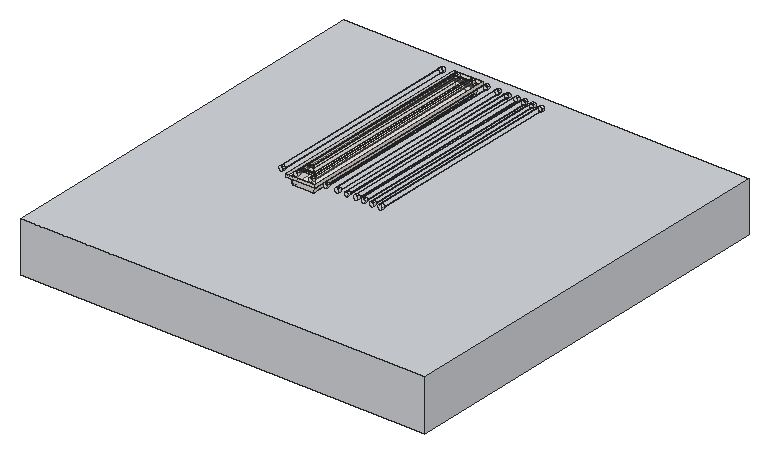
Revit family (continued)
Definition of nested family "Housing 10 - VT23"
  Forms (in)
    Sweep 1, solid, material <- "Surface Finish", detail levels fine
      path origin (0, 0, 0) x (1, 0, 0) y (0, 1, 0)
        loop
          line (-1.125, 22.5625) -> (-1.125, -22.5625) -> (1.125, -22.5625) -> (1.125, 22.5625) -> (-1.125, 22.5625)
      profile origin (1.125, 22.5625, 0) x (1, 0, 0) y (0, 0, 1)
        loop
          line (0.71875, 0) -> (1.21875, 0.5625) -> (1.46875, 0.5625) -> (1.74392, 2.09992) -> (1.80642, 2.09992) -> (1.80642, 2.44063) -> (2.3125, 2.44063) -> (2.375, 3.01563) -> (2.31213, 3.01563) -> (2.25643, 2.50313) -> (1.74392, 2.50313) -> (1.74392, 2.16242) -> (1.68784, 2.16242) -> (1.41268, 0.625) -> (0, 0.625) -> (0, 0) -> (0.71875, 0)
    Extrusion 2, solid, material <- "Surface Finish", detail levels fine
      sketch origin (0, 0, 0) x (1, 0, 0) y (0, 1, 0)
        loop
          line (1.125, -22.5625) -> (1.125, 22.5625) -> (-1.125, 22.5625) -> (-1.125, -22.5625) -> (1.125, -22.5625)
      from 0.5 to 0.625
    Extrusion 3, solid, material <- "Surface Finish", visible <- "Has Attachment Wire Visible", detail levels fine
      sketch origin (0, 24.33767, 0) x (1, 0, 0) y (0, 0, -1)
        loop
          line (-2.65625, 0.12491) -> (-2.65625, 0) -> (-2.03164, 0) -> (-2.03164, -0.21138) -> (-1.9684, -0.21138) -> (-1.9684, 0) -> (1.9684, 0) -> (1.9684, -0.21138) -> (2.03164, -0.21138) -> (2.03164, 0) -> (2.65625, 0) -> (2.65625, 0.12491) -> (-2.65625, 0.12491)
      from -45.46267 to -44.71267
    Extrusion 4, solid, material <- "Surface Finish", visible <- "Has Attachment Wire Visible", detail levels fine
      sketch origin (0, 62.58767, 0) x (1, 0, 0) y (0, 0, -1)
        loop
          line (-2.65625, 0.12491) -> (-2.65625, 0) -> (-2.03164, 0) -> (-2.03164, -0.21138) -> (-1.9684, -0.21138) -> (-1.9684, 0) -> (1.9684, 0) -> (1.9684, -0.21138) -> (2.03164, -0.21138) -> (2.03164, 0) -> (2.65625, 0) -> (2.65625, 0.12491) -> (-2.65625, 0.12491)
      from -42.21267 to -41.46267
  Cuts and joins
    joined: Sweep 1, Extrusion 2
  Lines and regions (in)
    Masking region 1, detail levels medium+fine
      outline origin (0, 0.41317, 0) x (1, 0, 0) y (0, 1, 0)
        loop
          line (-3.5, -25.31942) -> (3.5, -25.31942) -> (3.5, 24.49308) -> (-3.5, 24.49308) -> (-3.5, -25.31942)
    Masking region 2
      outline origin (0, 0, 0) x (1, 0, 0) y (0, 0, 1)
        loop
          line (-3.5, 3.01563) -> (-3.4375, 2.44063) -> (-2.93142, 2.44063) -> (-2.93142, 2.09992) -> (-2.86892, 2.09992) -> (-2.59375, 0.5625) -> (-2.34375, 0.5625) -> (-1.84375, 0) -> (1.84375, 0) -> (2.34375, 0.5625) -> (2.59375, 0.5625) -> (2.86892, 2.09992) -> (2.93142, 2.09992) -> (2.93142, 2.44063) -> (3.4375, 2.44063) -> (3.5, 3.01563) -> (-3.5, 3.01563)
    Masking region 3
      outline origin (0, 0, 0) x (0, 1, 0) y (0, 0, 1)
        loop
          line (-24.90625, 3.01562) -> (-24.84375, 2.44062) -> (-24.33767, 2.44062) -> (-24.33767, 2.09992) -> (-24.27517, 2.09992) -> (-24, 0.5625) -> (-23.75, 0.5625) -> (-23.25, 0) -> (23.25, 0) -> (23.75, 0.5625) -> (24, 0.5625) -> (24.27517, 2.09992) -> (24.33767, 2.09992) -> (24.33767, 2.44062) -> (24.84375, 2.44062) -> (24.90625, 3.01562) -> (-24.90625, 3.01562)
    Masking region 4, visible <- "Has Attachment Wire Visible", detail levels coarse
      outline origin (0, 0, 0) x (1, 0, 0) y (0, 1, 0)
        loop
          line (-3.5, 24.90625) -> (0, 21.4375) -> (3.5, 24.90625) -> (-3.5, 24.90625)
        loop
          line (-3.5, -24.90625) -> (3.5, -24.90625) -> (0, -21.4375) -> (-3.5, -24.90625)
    Masking region 5, visible <- "Is Surface Mounted", detail levels coarse
      outline origin (0, 0, 0) x (1, 0, 0) y (0, 1, 0)
        loop
          line (-3.5, 24.90625) -> (-3.5, -24.90625) -> (3.5, -24.90625) -> (3.5, 24.90625) -> (-3.5, 24.90625)
    model lines, style "Housing", detail levels medium
      curve 1: line (-3.5, 24.90625, 3.01562) -> (3.5, 24.90625, 3.01562)
      curve 2: line (3.5, 24.90625, 3.01562) -> (3.5, -24.90625, 3.01562)
      curve 3: line (3.5, -24.90625, 3.01562) -> (-3.5, -24.90625, 3.01562)
      curve 4: line (-3.5, -24.90625, 3.01562) -> (-3.5, 24.90625, 3.01562)
      curve 12: line (-1.84375, 23.25, 0) -> (1.84375, 23.25, 0)
      curve 13: line (1.84375, 23.25, 0) -> (1.84375, -23.25, 0)
      curve 14: line (1.84375, -23.25, 0) -> (-1.84375, -23.25, 0)
      curve 15: line (-1.84375, -23.25, 0) -> (-1.84375, 23.25, 0)
      curve 16: line (-2.93142, -24.33767, 0.5625) -> (2.93142, -24.33767, 0.5625)
      curve 17: line (2.93142, -24.33767, 0.5625) -> (2.93142, 24.33767, 0.5625)
      curve 18: line (-2.93142, 24.33767, 0.5625) -> (2.93142, 24.33767, 0.5625)
      curve 19: line (-2.93142, 24.33767, 0.5625) -> (-2.93142, -24.33767, 0.5625)
      curve 20: line (-3.5, 24.90625, 2.44062) -> (3.5, 24.90625, 2.44062)
      curve 21: line (3.5, 24.90625, 2.44062) -> (3.5, -24.90625, 2.44062)
      curve 22: line (3.5, -24.90625, 2.44062) -> (-3.5, -24.90625, 2.44062)
      curve 23: line (-3.5, -24.90625, 2.44062) -> (-3.5, 24.90625, 2.44062)
      curve 24: line (-1.84375, 23.25, 0.5625) -> (1.84375, 23.25, 0.5625)
      curve 25: line (1.84375, 23.25, 0.5625) -> (1.84375, -23.25, 0.5625)
      curve 26: line (1.84375, -23.25, 0.5625) -> (-1.84375, -23.25, 0.5625)
      curve 27: line (-1.84375, -23.25, 0.5625) -> (-1.84375, 23.25, 0.5625)
      curve 28: line (1.84375, -23.25, 0) -> (1.84375, -23.25, 0.5625)
      curve 29: line (-1.84375, -23.25, 0) -> (-1.84375, -23.25, 0.5625)
      curve 30: line (-1.84375, 23.25, 0) -> (-1.84375, 23.25, 0.5625)
      curve 31: line (1.84375, 23.25, 0) -> (1.84375, 23.25, 0.5625)
      curve 32: line (3.5, -24.90625, 3.01562) -> (3.5, -24.90625, 2.44062)
      curve 33: line (-3.5, -24.90625, 3.01562) -> (-3.5, -24.90625, 2.44062)
      curve 34: line (-3.5, 24.90625, 3.01562) -> (-3.5, 24.90625, 2.44062)
      curve 35: line (3.5, 24.90625, 3.01562) -> (3.5, 24.90625, 2.44062)
      curve 36: line (-2.93142, -24.33767, 2.44062) -> (2.93142, -24.33767, 2.44062)
      curve 37: line (2.93142, -24.33767, 2.44062) -> (2.93142, 24.33767, 2.44062)
      curve 38: line (-2.93142, 24.33767, 2.44062) -> (2.93142, 24.33767, 2.44062)
      curve 39: line (-2.93142, 24.33767, 2.44062) -> (-2.93142, -24.33767, 2.44062)
      curve 40: line (2.93142, -24.33767, 2.44062) -> (3.5, -24.90625, 2.44062)
      curve 41: line (-2.93142, -24.33767, 2.44062) -> (-3.5, -24.90625, 2.44062)
      curve 42: line (2.93142, 24.33767, 2.44062) -> (3.5, 24.90625, 2.44062)
      curve 43: line (-2.93142, 24.33767, 2.44062) -> (-3.5, 24.90625, 2.44062)
      curve 44: line (-1.84375, 23.25, 0.5625) -> (-2.93142, 24.33767, 0.5625)
      curve 45: line (1.84375, 23.25, 0.5625) -> (2.93142, 24.33767, 0.5625)
      curve 46: line (1.84375, -23.25, 0.5625) -> (2.93142, -24.33767, 0.5625)
      curve 47: line (-1.84375, -23.25, 0.5625) -> (-2.93142, -24.33767, 0.5625)
      curve 48: line (2.93142, -24.33767, 0.5625) -> (2.93142, -24.33767, 2.44062)
      curve 49: line (-2.93142, -24.33767, 0.5625) -> (-2.93142, -24.33767, 2.44062)
      curve 50: line (-2.93142, 24.33767, 0.5625) -> (-2.93142, 24.33767, 2.44062)
      curve 51: line (2.93142, 24.33767, 0.5625) -> (2.93142, 24.33767, 2.44062)
    symbolic lines, style "Housing", detail levels fine
      curve 5: line (-2.93142, 0, 2.44062) -> (2.93142, 0, 2.44062)
      curve 6: line (2.86892, 0, 2.09992) -> (-2.86892, 0, 2.09992)
      curve 7: line (-2.34375, 0, 0.5625) -> (2.34375, 0, 0.5625)
      curve 8: line (0, -24.33767, 2.44062) -> (0, 24.33767, 2.44062)
      curve 9: line (0, 24.27517, 2.09992) -> (0, -24.27517, 2.09992)
      curve 10: line (0, -23.75, 0.5625) -> (0, 23.75, 0.5625)
    model lines, style "Housing", visible <- "Is Surface Mounted", detail levels coarse
      curve 11: circle (0, 0, 0) r 3.25 normal (0, 0, 1)
      curve 67: line (3.5, 24.90625, 0) -> (3.5, -24.90625, 0)
      curve 68: line (-3.5, 24.90625, 0) -> (-3.5, -24.90625, 0)
    model lines, style "Housing", visible <- "Is Surface Mounted", detail levels medium
      curve 52: line (-3.5, -24.90625, 3.01562) -> (-3.5, 24.90625, 3.01562)
      curve 53: line (-3.5, 24.90625, 3.01562) -> (3.5, 24.90625, 3.01562)
      curve 54: line (3.5, 24.90625, 3.01562) -> (3.5, -24.90625, 3.01562)
      curve 55: line (-3.5, -24.90625, 3.01562) -> (3.5, -24.90625, 3.01562)
    symbolic lines, style "Housing", visible <- "Has Attachment Wire Visible", detail levels coarse
      curve 56: line (0, -21.4375, 3.01562) -> (0, 21.4375, 3.01562)
    model lines, style "Housing", visible <- "Has Attachment Wire Visible", detail levels coarse
      curve 57: line (-3.5, -24.90625, 0) -> (0, -21.4375, 0)
      curve 58: line (0, -21.4375, 0) -> (3.5, -24.90625, 0)
      curve 61: line (-3.5, 24.90625, 0) -> (0, 21.4375, 0)
      curve 62: line (0, 21.4375, 0) -> (3.5, 24.90625, 0)
      curve 63: line (0, 21.4375, 0) -> (0, -21.4375, 0)
    model lines, style "Housing", detail levels coarse
      curve 59: line (-3.5, -24.90625, 0) -> (3.5, -24.90625, 0)
      curve 60: line (-3.5, 24.90625, 0) -> (3.5, 24.90625, 0)
    symbolic lines, style "Housing", visible <- "Has Attachment Wire Visible", detail levels fine
      curve 64: line (-2.65625, 24.33767, -0.12491) -> (2.65625, 24.33767, -0.12491)
      curve 65: line (2.03164, 24.33767, -0.12491) -> (2.03164, 24.33767, 0.21138)
      curve 66: line (-2.03164, 24.33767, -0.12491) -> (-2.03164, 24.33767, 0.21138)
  Dimensions and locks (in)
    "Width": plane 4 "Left" to plane 5 "Right"
    equal spacing: plane 4 "Left", plane 3 "Center (Left/Right)", plane 5 "Right"
    equal spacing: plane 7 "Back", plane 1 "Center (Front/Back)", plane 6 "Front"
    "CTRL Length": plane 6 "Front" to plane 7 "Back"
    locked: plane 4 "Left" to plane 30 "Left Tab" at 0.06287
    locked: plane 30 "Left Tab" to plane 31 "Left Tab Bottom" at 0.05571
    locked: plane 31 "Left Tab Bottom" to plane 32 "Left Side Tab" at 0.45001
    locked: plane 33 "Left Tab Break" to plane 32 "Left Side Tab" at 0.0625
    plane 34 "Left Tab Break Termination" to plane 33 "Left Tab Break" = 0' - 0.05607"
    locked: plane 35 "Left Angle Bottom" to plane 34 "Left Tab Break Termination" at 0.21909
    locked: plane 36 "Left Angle Bottom Termination" to plane 35 "Left Angle Bottom" at 0.05607
    locked: plane 42 "T.O. Bottom Angle" to plane 36 "Left Angle Bottom Termination" at 0.19393
    locked: plane 42 "T.O. Bottom Angle" to plane 37 "Left Angle Bottom Termation" at 0.02807
    plane 3 "Center (Left/Right)" to plane 41 "Left Angle Tab Break Right" = 0' - 1 1/16"
    locked: plane 41 "Left Angle Tab Break Right" to plane 39 "Left Angle Tab Break" at 0.0625
    locked: plane 5 "Right" to plane 11 "Right Tab Termination" at 0.06287
    locked: plane 11 "Right Tab Termination" to plane 12 "Right Tab" at 0.05571
    locked: plane 12 "Right Tab" to plane 13 "Right Side Tab" at 0.45001
    locked: plane 14 "Right Top Tab" to plane 13 "Right Side Tab" at 0.0625
    locked: plane 15 "Right Top" to plane 14 "Right Top Tab" at 0.05607
    locked: plane 16 "Right Angle Bottom" to plane 15 "Right Top" at 0.21909
    locked: plane 17 "Right Bend" to plane 16 "Right Angle Bottom" at 0.05607
    locked: plane 43 "T.O. Middle Bottom Angle Termination Origin" to plane 17 "Right Bend" at 0.19393
    locked: plane 18 "Right Break Angle" to plane 43 "T.O. Middle Bottom Angle Termination Origin" at 0.02807
    plane 22 "Right Break" to plane 3 "Center (Left/Right)" = 0' - 1 1/16"
    locked: plane 21 "Right Break Thickness Inside" to plane 19 "Right Break Thickness Outside" at 0.02807
    locked: plane 38 "Bottom Angle Termination" to plane 37 "Left Angle Bottom Termation" at 0.47193
    plane 40 "Bottom Angle Thickness" to plane 38 "Bottom Angle Termination" = 0' - 0.02807"
    locked: plane 19 "Right Break Thickness Outside" to plane 18 "Right Break Angle" at 0.47193
    locked: plane 8 "Top" to plane 9 "Top Tab" at 0.5125
    locked: plane 9 "Top Tab" to plane 10 "Top Tab Termination" at 0.0625
    locked: plane 10 "Top Tab Termination" to plane 23 "Top Bend" at 0.2782
    locked: plane 23 "Top Bend" to plane 24 "Top Bend Thickness" at 0.0625
    locked: plane 27 "Bottom Bend Top Thickness" to plane 2 "Bottom" at 0.0625
    locked: plane 28 "Bottom Bend Top" to plane 27 "Bottom Bend Top Thickness" at 0.0625
    locked: plane 26 "Bottom Bend" to plane 28 "Bottom Bend Top" at 0.4375
    locked: plane 25 "Bottom Bend Thickness" to plane 26 "Bottom Bend" at 0.0625
    locked: plane 29 "Third Hole Center" to plane 25 "Bottom Bend Thickness" at 1.09074
    plane 8 "Top" to plane 2 "Bottom" = 0' - 3 1/64"
    "Height": plane 8 "Top" to plane 2 "Bottom"
    locked: plane 6 "Front" to plane 44 "Front Sweep Reference" at 2.34375
    locked: plane 7 "Back" to plane 45 "Back Sweep Reference" at 2.34375
    locked: plane 6 "Front" to plane 46 "Front 1/16" Inset" at 0.0625
    locked: plane 6 "Front" to plane 47 "Front 9/16" Inset" at 0.56858
    locked: plane 6 "Front" to plane 48 "Front 5/8" Inset" at 0.62959
    locked: plane 6 "Front" to plane 49 "Front 29/32" Inset" at 0.90625
    locked: plane 6 "Front" to plane 50 "Front 1 5/32" Inset" at 1.15625
    locked: plane 6 "Front" to plane 51 "Front 1 21/32" Inset" at 1.65625
    locked: plane 7 "Back" to plane 52 "Back 1/16" Inset" at 0.0625
    locked: plane 7 "Back" to plane 53 "Back 9/16" Inset" at 0.56858
    locked: plane 7 "Back" to plane 54 "Back 5/8" Inset" at 0.62959
    locked: plane 7 "Back" to plane 55 "Back 29/32" Inset" at 0.90625
    locked: plane 7 "Back" to plane 56 "Back 1 5/32" Inset" at 1.15625
    locked: plane 7 "Back" to plane 57 "Back 1 21/32" Inset" at 1.65625
    locked: plane 7 "Back" to plane 58 "Back Strip Type Symbolic Inset" at 3.46875
    locked: plane 6 "Front" to plane 59 "Front Strip Type Symbolic Inset" at 3.46875
    locked: plane 6 "Front" to plane 60 "Front Bracket Center (F/B)" at 4.15625
    locked: plane 7 "Back" to plane 61 "Back Bracket Center (F/B)" at 4.15625
    "CTRL Indentation": plane 62 "T.O. Indentation" to plane 63 "B.O. Indentation"
    locked: plane 26 "Bottom Bend" to plane 62 "T.O. Indentation" at 0.03125
    locked: plane 2 "Bottom" to plane 64 "B.O. Bracket" at 0.12491
    locked: plane 35 "Left Angle Bottom" to plane 65 "Bracket Left" at 0.0625
    locked: plane 38 "Bottom Angle Termination" to plane 67 "Left Attachment Tab Right" at 0.12465
    locked: plane 67 "Left Attachment Tab Right" to plane 66 "Left Attachment Tab Left" at 0.06324
    locked: plane 69 "Right Attachment Tab Left" to plane 68 "Right Attachment Tab Right" at 0.06324
    locked: plane 19 "Right Break Thickness Outside" to plane 69 "Right Attachment Tab Left" at 0.12465
    locked: plane 16 "Right Angle Bottom" to plane 70 "Optional Attachment Bracket Right" at 0.0625
    locked: plane 71 "T.O. Attachment Bracket" to plane 28 "Bottom Bend Top" at 0.08638
    locked: plane 73 "Front Attachment Bracket Front" to plane 60 "Front Bracket Center (F/B)" at 0.375
    locked: plane 60 "Front Bracket Center (F/B)" to plane 72 "Front Attachment Bracket Back" at 0.375
    locked: plane 75 "Back Attachment Bracket Back" to plane 61 "Back Bracket Center (F/B)" at 0.375
    locked: plane 61 "Back Bracket Center (F/B)" to plane 74 "Back Attachment Bracket Front" at 0.375
    "Offset": plane 2 "Bottom" to plane 76 "Reference Plane"
    "CTRL 1 Radius": radius of curve 11
    aligned: Extrusion 2 to plane 27 "Bottom Bend Top Thickness"
    aligned: plane 28 "Bottom Bend Top" to Extrusion 2
    aligned: Extrusion 2 to plane 2 "Bottom"
    aligned: plane 27 "Bottom Bend Top Thickness" to Extrusion 2
    aligned and locked: Extrusion 2 sketch curve to plane 45 "Back Sweep Reference"
    aligned and locked: plane 39 "Left Angle Tab Break" to Extrusion 2 sketch curve
    aligned and locked: plane 20 "Right Break Thickness" to Extrusion 2 sketch curve
    aligned and locked: Extrusion 2 sketch curve to plane 44 "Front Sweep Reference"
    aligned and locked: profile plane to Sweep 1 sketch curve
    aligned and locked: Sweep 1 sketch curve to plane 2 "Bottom"
    aligned and locked: plane 2 "Bottom" to Sweep 1 sketch curve
    aligned and locked: plane 19 "Right Break Thickness Outside" to Sweep 1 sketch curve
    aligned and locked: plane 26 "Bottom Bend" to Sweep 1 sketch curve  (x2)
    aligned and locked: plane 43 "T.O. Middle Bottom Angle Termination Origin" to Sweep 1 sketch curve
    aligned and locked: plane 25 "Bottom Bend Thickness" to Sweep 1 sketch curve
    aligned and locked: plane 17 "Right Bend" to Sweep 1 sketch curve
    aligned and locked: plane 16 "Right Angle Bottom" to Sweep 1 sketch curve
    aligned and locked: plane 24 "Top Bend Thickness" to Sweep 1 sketch curve  (x2)
    aligned and locked: plane 13 "Right Side Tab" to Sweep 1 sketch curve
    aligned and locked: plane 14 "Right Top Tab" to Sweep 1 sketch curve  (x2)
    aligned and locked: plane 15 "Right Top" to Sweep 1 sketch curve
    aligned and locked: plane 23 "Top Bend" to Sweep 1 sketch curve
    aligned and locked: plane 9 "Top Tab" to Sweep 1 sketch curve
    aligned and locked: Sweep 1 sketch curve to plane 10 "Top Tab Termination"
    aligned and locked: plane 12 "Right Tab" to Sweep 1 sketch curve
    aligned and locked: plane 10 "Top Tab Termination" to Sweep 1 sketch curve
    aligned and locked: plane 8 "Top" to Sweep 1 sketch curve  (x2)
    aligned and locked: plane 11 "Right Tab Termination" to Sweep 1 sketch curve
    aligned and locked: plane 5 "Right" to Sweep 1 sketch curve
    aligned and locked: plane 4 "Left" to curve 1
    aligned and locked: plane 8 "Top" to curve 3
    aligned and locked: curve 1 to plane 8 "Top"
    aligned and locked: plane 8 "Top" to curve 2
    aligned and locked: curve 4 to plane 8 "Top"
    aligned and locked: plane 5 "Right" to Masking region 1 sketch curve
    aligned and locked: plane 4 "Left" to Masking region 1 sketch curve
    aligned: plane 6 "Front" to Masking region 1 sketch curve
    aligned and locked: plane 5 "Right" to Masking region 2 sketch curve
    aligned and locked: plane 8 "Top" to Masking region 2 sketch curve  (x2)
    aligned and locked: plane 10 "Top Tab Termination" to Masking region 2 sketch curve  (x3)
    aligned and locked: plane 13 "Right Side Tab" to Masking region 2 sketch curve
    aligned and locked: plane 24 "Top Bend Thickness" to Masking region 2 sketch curve  (x3)
    aligned and locked: plane 14 "Right Top Tab" to Masking region 2 sketch curve
    aligned and locked: plane 26 "Bottom Bend" to Masking region 2 sketch curve  (x4)
    aligned and locked: plane 16 "Right Angle Bottom" to Masking region 2 sketch curve
    aligned and locked: plane 43 "T.O. Middle Bottom Angle Termination Origin" to Masking region 2 sketch curve
    aligned and locked: plane 19 "Right Break Thickness Outside" to Masking region 2 sketch curve
    aligned and locked: plane 2 "Bottom" to Masking region 2 sketch curve  (x2)
    aligned and locked: plane 38 "Bottom Angle Termination" to Masking region 2 sketch curve
    aligned and locked: plane 42 "T.O. Bottom Angle" to Masking region 2 sketch curve
    aligned and locked: plane 35 "Left Angle Bottom" to Masking region 2 sketch curve
    aligned and locked: plane 32 "Left Side Tab" to Masking region 2 sketch curve
    aligned and locked: plane 33 "Left Tab Break" to Masking region 2 sketch curve
    aligned and locked: plane 4 "Left" to Masking region 2 sketch curve
    aligned and locked: plane 8 "Top" to Masking region 3 sketch curve  (x2)
    aligned and locked: plane 6 "Front" to Masking region 3 sketch curve
    aligned and locked: plane 47 "Front 9/16" Inset" to Masking region 3 sketch curve
    aligned and locked: Masking region 3 sketch curve to plane 24 "Top Bend Thickness"  (x2)
    aligned and locked: plane 10 "Top Tab Termination" to Masking region 3 sketch curve  (x2)
    aligned and locked: plane 46 "Front 1/16" Inset" to Masking region 3 sketch curve
    aligned and locked: plane 24 "Top Bend Thickness" to Masking region 3 sketch curve
    aligned and locked: Masking region 3 sketch curve to plane 26 "Bottom Bend"  (x2)
    aligned and locked: plane 49 "Front 29/32" Inset" to Masking region 3 sketch curve
    aligned and locked: plane 50 "Front 1 5/32" Inset" to Masking region 3 sketch curve
    aligned and locked: plane 26 "Bottom Bend" to Masking region 3 sketch curve  (x2)
    aligned and locked: plane 2 "Bottom" to Masking region 3 sketch curve
    aligned and locked: plane 51 "Front 1 21/32" Inset" to Masking region 3 sketch curve
    aligned and locked: plane 57 "Back 1 21/32" Inset" to Masking region 3 sketch curve
    aligned and locked: level to Masking region 3 sketch curve
    aligned and locked: plane 56 "Back 1 5/32" Inset" to Masking region 3 sketch curve
    aligned and locked: plane 55 "Back 29/32" Inset" to Masking region 3 sketch curve
    aligned and locked: plane 53 "Back 9/16" Inset" to Masking region 3 sketch curve
    aligned and locked: Masking region 3 sketch curve to plane 10 "Top Tab Termination"
    aligned and locked: plane 52 "Back 1/16" Inset" to Masking region 3 sketch curve
    aligned and locked: plane 7 "Back" to Masking region 3 sketch curve
    aligned and locked: curve 7 to plane 26 "Bottom Bend"
    aligned and locked: plane 24 "Top Bend Thickness" to curve 6
    aligned and locked: curve 5 to plane 10 "Top Tab Termination"
    aligned and locked: curve 10 to plane 26 "Bottom Bend"
    aligned and locked: plane 24 "Top Bend Thickness" to curve 9
    aligned and locked: curve 8 to plane 10 "Top Tab Termination"
    aligned: plane 8 "Top" to curve 11
    aligned: curve 11 to plane 8 "Top"
    aligned and locked: curve 14 to plane 51 "Front 1 21/32" Inset"
    aligned and locked: plane 51 "Front 1 21/32" Inset" to curve 15
    aligned and locked: plane 57 "Back 1 21/32" Inset" to curve 13
    aligned and locked: curve 12 to plane 57 "Back 1 21/32" Inset"
    aligned and locked: plane 38 "Bottom Angle Termination" to curve 15
    aligned and locked: plane 2 "Bottom" to curve 14
    aligned and locked: curve 12 to plane 2 "Bottom"
    aligned and locked: plane 2 "Bottom" to curve 13
    aligned and locked: curve 15 to plane 2 "Bottom"
    aligned and locked: curve 20 to plane 10 "Top Tab Termination"
    aligned and locked: plane 10 "Top Tab Termination" to curve 21
    aligned and locked: curve 23 to plane 10 "Top Tab Termination"
    aligned and locked: plane 10 "Top Tab Termination" to curve 22
    aligned and locked: plane 19 "Right Break Thickness Outside" to curve 26
    aligned and locked: plane 19 "Right Break Thickness Outside" to curve 24
    aligned and locked: plane 38 "Bottom Angle Termination" to curve 24
    aligned and locked: plane 38 "Bottom Angle Termination" to curve 26
    aligned and locked: curve 24 to plane 57 "Back 1 21/32" Inset"
    aligned and locked: plane 19 "Right Break Thickness Outside" to curve 25
    aligned and locked: plane 38 "Bottom Angle Termination" to curve 27
    aligned and locked: plane 51 "Front 1 21/32" Inset" to curve 27
    aligned and locked: curve 16 to plane 26 "Bottom Bend"
    aligned and locked: plane 26 "Bottom Bend" to curve 26
    aligned and locked: curve 24 to plane 26 "Bottom Bend"
    aligned and locked: curve 18 to plane 26 "Bottom Bend"
    aligned and locked: plane 26 "Bottom Bend" to curve 28
    aligned and locked: plane 2 "Bottom" to curve 28
    aligned and locked: curve 28 to plane 19 "Right Break Thickness Outside"
    aligned and locked: plane 2 "Bottom" to curve 29
    aligned and locked: plane 26 "Bottom Bend" to curve 29
    aligned and locked: plane 38 "Bottom Angle Termination" to curve 29
    aligned and locked: curve 28 to plane 51 "Front 1 21/32" Inset"
    aligned and locked: curve 29 to plane 51 "Front 1 21/32" Inset"
    aligned and locked: plane 2 "Bottom" to curve 30
    aligned and locked: plane 26 "Bottom Bend" to curve 30
    aligned and locked: plane 2 "Bottom" to curve 31
    aligned and locked: plane 26 "Bottom Bend" to curve 31
    aligned and locked: curve 31 to plane 19 "Right Break Thickness Outside"
    aligned and locked: plane 38 "Bottom Angle Termination" to curve 30
    aligned and locked: plane 57 "Back 1 21/32" Inset" to curve 31
    aligned and locked: plane 57 "Back 1 21/32" Inset" to curve 30
    aligned and locked: curve 21 to plane 5 "Right"
    aligned and locked: curve 23 to plane 4 "Left"
    aligned and locked: curve 22 to plane 6 "Front"
    aligned and locked: plane 8 "Top" to curve 35
    aligned and locked: plane 8 "Top" to curve 32
    aligned and locked: plane 10 "Top Tab Termination" to curve 35
    aligned and locked: plane 10 "Top Tab Termination" to curve 32
    aligned and locked: curve 32 to plane 5 "Right"
    aligned and locked: curve 35 to plane 5 "Right"
    aligned and locked: plane 8 "Top" to curve 33
    aligned and locked: plane 10 "Top Tab Termination" to curve 33
    aligned and locked: plane 8 "Top" to curve 34
    aligned and locked: plane 10 "Top Tab Termination" to curve 34
    aligned and locked: plane 4 "Left" to curve 33
    aligned and locked: plane 4 "Left" to curve 34
    aligned and locked: plane 6 "Front" to curve 32
    aligned and locked: plane 6 "Front" to curve 33
    aligned and locked: curve 35 to plane 7 "Back"
    aligned and locked: curve 34 to plane 7 "Back"
    aligned and locked: curve 36 to plane 10 "Top Tab Termination"
    aligned and locked: curve 38 to plane 10 "Top Tab Termination"
    aligned and locked: curve 37 to plane 10 "Top Tab Termination"
    aligned and locked: plane 10 "Top Tab Termination" to curve 39
    aligned and locked: curve 37 to plane 13 "Right Side Tab"
    aligned and locked: curve 39 to plane 32 "Left Side Tab"
    aligned and locked: plane 47 "Front 9/16" Inset" to curve 36
    aligned and locked: plane 6 "Front" to curve 41
    aligned and locked: plane 32 "Left Side Tab" to curve 41
    aligned and locked: plane 5 "Right" to curve 40
    aligned and locked: plane 47 "Front 9/16" Inset" to curve 40
    aligned and locked: plane 7 "Back" to curve 42
    aligned and locked: plane 53 "Back 9/16" Inset" to curve 42
    aligned and locked: plane 13 "Right Side Tab" to curve 42
    aligned and locked: plane 4 "Left" to curve 43
    aligned and locked: curve 40 to plane 10 "Top Tab Termination"
    aligned and locked: curve 42 to plane 10 "Top Tab Termination"
    aligned and locked: plane 10 "Top Tab Termination" to curve 41
    aligned and locked: plane 10 "Top Tab Termination" to curve 43
    aligned and locked: plane 38 "Bottom Angle Termination" to curve 44
    aligned and locked: plane 57 "Back 1 21/32" Inset" to curve 45
    aligned and locked: plane 19 "Right Break Thickness Outside" to curve 46
    aligned and locked: plane 26 "Bottom Bend" to curve 47
    aligned and locked: plane 26 "Bottom Bend" to curve 44
    aligned and locked: curve 46 to plane 26 "Bottom Bend"
    aligned and locked: curve 45 to plane 26 "Bottom Bend"
    aligned and locked: curve 17 to plane 26 "Bottom Bend"
    aligned and locked: plane 26 "Bottom Bend" to curve 19
    aligned and locked: plane 47 "Front 9/16" Inset" to curve 16
    aligned and locked: curve 19 to plane 32 "Left Side Tab"
    aligned and locked: curve 17 to plane 13 "Right Side Tab"
    aligned and locked: plane 47 "Front 9/16" Inset" to curve 17
    aligned and locked: curve 18 to plane 53 "Back 9/16" Inset"
    aligned and locked: plane 53 "Back 9/16" Inset" to curve 17
    aligned and locked: plane 10 "Top Tab Termination" to curve 48
    aligned and locked: plane 10 "Top Tab Termination" to curve 51
    aligned and locked: plane 26 "Bottom Bend" to curve 48
    aligned and locked: plane 26 "Bottom Bend" to curve 51
    aligned and locked: curve 51 to plane 13 "Right Side Tab"
    aligned and locked: curve 48 to plane 13 "Right Side Tab"
    aligned and locked: plane 26 "Bottom Bend" to curve 50
    aligned and locked: plane 26 "Bottom Bend" to curve 49
    aligned and locked: plane 10 "Top Tab Termination" to curve 50
    aligned and locked: plane 10 "Top Tab Termination" to curve 49
    aligned and locked: plane 32 "Left Side Tab" to curve 49
    aligned and locked: plane 32 "Left Side Tab" to curve 50
    aligned and locked: plane 53 "Back 9/16" Inset" to curve 51
    aligned and locked: plane 53 "Back 9/16" Inset" to curve 50
    aligned and locked: curve 48 to plane 47 "Front 9/16" Inset"
    aligned and locked: curve 49 to plane 47 "Front 9/16" Inset"
    aligned and locked: curve 38 to plane 53 "Back 9/16" Inset"
    aligned and locked: curve 26 to plane 51 "Front 1 21/32" Inset"
    aligned and locked: plane 19 "Right Break Thickness Outside" to curve 13
    aligned and locked: plane 7 "Back" to Masking region 1
    aligned and locked: curve 20 to plane 7 "Back"
    aligned and locked: Masking region 4 sketch curve to plane 7 "Back"
    aligned and locked: plane 7 "Back" to Masking region 4 sketch curve
    aligned and locked: plane 5 "Right" to Masking region 4 sketch curve  (x2)
    aligned and locked: plane 59 "Front Strip Type Symbolic Inset" to Masking region 4 sketch curve
    aligned and locked: plane 3 "Center (Left/Right)" to Masking region 4 sketch curve  (x2)
    aligned and locked: Masking region 4 sketch curve to plane 6 "Front"
    aligned and locked: plane 4 "Left" to Masking region 4 sketch curve  (x2)
    aligned and locked: plane 6 "Front" to Masking region 4 sketch curve
    aligned and locked: plane 58 "Back Strip Type Symbolic Inset" to Masking region 4 sketch curve
    aligned and locked: plane 7 "Back" to curve 54
    aligned and locked: plane 5 "Right" to curve 55
    aligned and locked: curve 53 to plane 7 "Back"
    aligned and locked: curve 54 to plane 5 "Right"
    aligned and locked: curve 52 to plane 4 "Left"
    aligned and locked: Masking region 5 sketch curve to plane 7 "Back"
    aligned and locked: Masking region 5 sketch curve to plane 4 "Left"
    aligned and locked: Masking region 5 sketch curve to plane 5 "Right"
    aligned and locked: Masking region 5 sketch curve to plane 6 "Front"
    aligned and locked: plane 3 "Center (Left/Right)" to curve 56
    aligned and locked: plane 59 "Front Strip Type Symbolic Inset" to curve 56
    aligned and locked: plane 58 "Back Strip Type Symbolic Inset" to curve 56
    aligned and locked: plane 5 "Right" to curve 59
    aligned and locked: plane 4 "Left" to curve 59
    aligned and locked: plane 3 "Center (Left/Right)" to curve 58
    aligned and locked: plane 6 "Front" to curve 55  (x2)
    aligned and locked: curve 58 to plane 2 "Bottom"
    aligned and locked: curve 59 to plane 2 "Bottom"
    aligned and locked: curve 57 to plane 2 "Bottom"
    aligned and locked: plane 4 "Left" to curve 60
    aligned and locked: plane 5 "Right" to curve 60
    aligned and locked: curve 62 to plane 2 "Bottom"
    aligned and locked: curve 60 to plane 2 "Bottom"
    aligned and locked: curve 61 to plane 2 "Bottom"
    aligned and locked: plane 59 "Front Strip Type Symbolic Inset" to curve 63
    aligned and locked: plane 58 "Back Strip Type Symbolic Inset" to curve 63
    aligned and locked: curve 63 to plane 3 "Center (Left/Right)"
    aligned and locked: plane 2 "Bottom" to curve 63
    aligned and locked: plane 6 "Front" to Masking region 1 sketch curve
    aligned and locked: plane 7 "Back" to Masking region 1 sketch curve
    aligned: plane 26 "Bottom Bend" to Extrusion 2
    aligned and locked: Extrusion 2 to plane 63 "B.O. Indentation"
    aligned and locked: plane 25 "Bottom Bend Thickness" to Extrusion 2
    aligned and locked: plane 65 "Bracket Left" to Extrusion 3 sketch curve
    aligned and locked: Extrusion 3 sketch curve to plane 2 "Bottom"  (x3)
    aligned and locked: plane 66 "Left Attachment Tab Left" to Extrusion 3 sketch curve
    aligned and locked: Extrusion 3 sketch curve to plane 67 "Left Attachment Tab Right"
    aligned and locked: plane 64 "B.O. Bracket" to Extrusion 3 sketch curve
    aligned and locked: plane 70 "Optional Attachment Bracket Right" to Extrusion 3 sketch curve
    aligned and locked: plane 68 "Right Attachment Tab Right" to Extrusion 3 sketch curve
    aligned and locked: Extrusion 3 sketch curve to plane 69 "Right Attachment Tab Left"
    aligned and locked: Extrusion 3 sketch curve to plane 71 "T.O. Attachment Bracket"
    aligned and locked: plane 71 "T.O. Attachment Bracket" to Extrusion 3 sketch curve
    aligned and locked: Extrusion 3 to plane 73 "Front Attachment Bracket Front"
    aligned and locked: Extrusion 3 to plane 72 "Front Attachment Bracket Back"
    aligned and locked: plane 75 "Back Attachment Bracket Back" to Extrusion 4
    aligned and locked: Extrusion 4 to plane 74 "Back Attachment Bracket Front"
    aligned and locked: plane 65 "Bracket Left" to Extrusion 4 sketch curve
    aligned and locked: plane 64 "B.O. Bracket" to Extrusion 4 sketch curve
    aligned and locked: plane 66 "Left Attachment Tab Left" to Extrusion 4 sketch curve
    aligned and locked: Extrusion 4 sketch curve to plane 67 "Left Attachment Tab Right"
    aligned and locked: Extrusion 4 sketch curve to plane 71 "T.O. Attachment Bracket"
    aligned and locked: Extrusion 4 sketch curve to plane 2 "Bottom"  (x3)
    aligned and locked: Extrusion 4 sketch curve to plane 69 "Right Attachment Tab Left"
    aligned and locked: plane 71 "T.O. Attachment Bracket" to Extrusion 4 sketch curve
    aligned and locked: plane 68 "Right Attachment Tab Right" to Extrusion 4 sketch curve
    aligned and locked: plane 70 "Optional Attachment Bracket Right" to Extrusion 4 sketch curve
    aligned and locked: Extrusion 3 to plane 64 "B.O. Bracket"
    aligned and locked: Extrusion 4 to plane 64 "B.O. Bracket"
    aligned and locked: curve 65 to plane 68 "Right Attachment Tab Right"
    aligned and locked: plane 66 "Left Attachment Tab Left" to curve 66
    aligned and locked: plane 2 "Bottom" to curve 11
    aligned and locked: curve 11 to plane 2 "Bottom"
    aligned and locked: plane 6 "Front" to curve 67
    aligned and locked: plane 6 "Front" to curve 68
    aligned and locked: plane 7 "Back" to curve 67
    aligned and locked: plane 7 "Back" to curve 68
    aligned and locked: plane 2 "Bottom" to curve 67
  Automatic sketch dimensions
    curve 8 to plane 47 "Front 9/16" Inset" = 0' - 0"
    curve 10 to plane 50 "Front 1 5/32" Inset" = 0' - 0"
    curve 10 to plane 56 "Back 1 5/32" Inset" = 0' - 0"
    curve 8 to plane 53 "Back 9/16" Inset" = 0' - 0"
    curve 9 to plane 48 "Front 5/8" Inset" = 0' - 0.00149"
    curve 9 to plane 54 "Back 5/8" Inset" = 0' - 0.00149"
    curve 5 to plane 32 "Left Side Tab" = 0' - 0"
    curve 6 to plane 33 "Left Tab Break" = 0' - 0"
    plane 42 "T.O. Bottom Angle" to curve 7 = 0' - 0"
    plane 43 "T.O. Middle Bottom Angle Termination Origin" to curve 7 = 0' - 0"
    plane 14 "Right Top Tab" to curve 6 = 0' - 0"
    plane 13 "Right Side Tab" to curve 5 = 0' - 0"
    Sweep 1 sketch curve to plane 39 "Left Angle Tab Break" = 0' - 0"
    Sweep 1 sketch curve to plane 20 "Right Break Thickness" = 0' - 0"
    plane 44 "Front Sweep Reference" to Sweep 1 sketch curve = 0' - 0"
    Sweep 1 sketch curve to plane 45 "Back Sweep Reference" = 0' - 0"
    Sweep 1 sketch curve to Sweep 1 sketch curve = 0' - 0.05607"
    plane 30 "Left Tab" to Masking region 2 sketch curve = 0' - 0.00037"
    plane 11 "Right Tab Termination" to Masking region 2 sketch curve = 0' - 0.00037"
    Masking region 3 sketch curve to plane 48 "Front 5/8" Inset" = 0' - 0.00149"
    Masking region 3 sketch curve to plane 54 "Back 5/8" Inset" = 0' - 0.00149"
    curve 64 to plane 65 "Bracket Left" = 0' - 0"
    plane 70 "Optional Attachment Bracket Right" to curve 64 = 0' - 0"
    curve 66 to plane 64 "B.O. Bracket" = 0' - 0"
    curve 65 to plane 71 "T.O. Attachment Bracket" = 0' - 0"
    curve 66 to plane 71 "T.O. Attachment Bracket" = 0' - 0"
    plane 1 "Center (Front/Back)" to curve 11 = 0' - 0"
    curve 11 to plane 3 "Center (Left/Right)" = 0' - 0"
Definition of nested family "Shield 4 - Vaportite"
  Parameters (values of type "VT3")
    Width = 0' - 6 5/32"
    URL = "http://www.metalux-lighting.com/"
    Offset = 0' - 0"
    Manufacturer = "Cooper Industries, Inc."  # constant formula
    Lens Material [instance] = none
    Length = 4' - 0"
    Height = 0' - 2 161/256"
    Surface Finish [instance] = none
    CTRL Width = if(Width < 0' 6", 0' 6", if(Width > 1' 0", 1' 0", Width))  # 0' - 6 5/32"
    CTRL Length = if(Length < 1' 0", 1' 0", if(Length > 9' 0", 9' 0", Length))  # 4' - 0"
    Assembly Code = ""
  Reference planes (in)
    plane 1 "Center (Front/Back)": y = 0
    plane 2 "Reference Plane": z = 0
    plane 3 "Center (Left/Right)": x = 0
    plane 4 "Top": z = 2.62891
    plane 5 "Front": y = -24
    plane 6 "Back": y = 24
    plane 7 "Left": x = -3.07812
    plane 8 "Left 9/128" Inset": x = -3.00859
    plane 9 "Housing Reference": z = 0.56473
    plane 10 "Left 25/128" Inset": x = -2.88274
    plane 11 "Left Curve Transition": x = -2.17013
    plane 12 "Right": x = 3.07813
    plane 13 "Right 9/128" Inset": x = 3.00859
    plane 14 "Right 25/128" Inset": x = 2.88274
    plane 15 "Right Curve Transition": x = 2.17013
    plane 16 "Bottom": z = 0
    plane 17 "Shield Hook Termination": z = 0.21237
    plane 18 "Front 9/128" Inset": y = -23.93046
    plane 19 "Front 25/128" Inset": y = -23.80462
    plane 20 "Front 47/128" Inset": y = -23.63388
    plane 21 "Front 233/256" Inset": y = -23.09091
    plane 22: y = -20.625
    plane 23 "Right 11/32" Inset": x = 2.73277
    plane 24 "Left 11/32" Inset": x = -2.73277
    plane 25 "Curve Transition": z = 1.76164
    plane 26 "Hook Valley": z = 0.06505
    plane 27 "Left 1 45/256"Inset": x = -1.90293
    plane 28 "T.O. Curve Transition": z = 2.06984
    plane 29 "Right 1 45/256" Inset": x = 1.90293
    plane 30 "Front 1 45/256" Inset": y = -22.82422
    plane 31 "Back 9/128" Inset": y = 23.93046
    plane 32 "Back 25/128" Inset": y = 23.80462
    plane 33 "Back 47/256" Inset": y = 23.63388
    plane 34 "Back 233/256" Inset": y = 23.09091
    plane 35: y = 20.625
    plane 36 "Back 1 45/256" Inset": y = 22.82422
    plane 37 "Front Void Offset": y = -24.0625
    plane 38 "Back Void Offset": y = 24.0625
    plane 39 "Left 2 27/256" Inset": x = -0.86674
    plane 40 "Left 1 133/256" Inset": x = -1.55994
    plane 41 "Top 87/256" Inset": z = 2.29063
    plane 42 "Top 21/256" Inset": z = 2.54754
    plane 43 "Right 1 133/256" Inset": x = 1.55994
    plane 44 "Right 2 27/256" Inset": x = 0.86674
    plane 45 "Front 1 133/256" Inset": y = -22.54297
    plane 46 "Front 2 27/256" Inset": y = -21.95703
    plane 47 "Back 1 133/256" Inset": y = 22.54297
    plane 48 "Bacl 2 27/256" Inset": y = 21.95703
  Forms (in)
    Extrusion 1, solid, material <- "Lens Material", detail levels fine
      sketch origin (0, 0, 0) x (1, 0, 0) y (0, 0, 1)
        loop
          line (-3.01127, 0.21237) -> (-3.07812, 0.21237)
          arc (-3.07812, 0.21237) -> (-3.02039, 0.06942) -> (-2.88274, 0) r 0.21886
          line (-2.88274, 0) -> (2.88274, 0)
          arc (2.88274, 0) -> (3.02039, 0.06942) -> (3.07813, 0.21237) r 0.21886
          line (3.07813, 0.21237) -> (3.01127, 0.21237)
          arc (3.01127, 0.21237) -> (2.90282, 0.06983) -> (2.73277, 0.12606) r 0.15415
          line (2.73277, 0.12606) -> (2.17013, 1.76164) -> (1.90293, 2.06984) -> (1.55994, 2.29063) -> (0.86674, 2.54754) -> (0, 2.62891) -> (-0.86674, 2.54754) -> (-1.55994, 2.29063) -> (-1.90293, 2.06984) -> (-2.17013, 1.76164) -> (-2.73277, 0.12606)
          arc (-2.73277, 0.12606) -> (-2.90282, 0.06983) -> (-3.01127, 0.21237) r 0.15415
      from -24 to 24
    Extrusion 2, void
      sketch origin (0, 0, 0) x (0, 1, 0) y (0, 0, 1)
        loop
          line (-22.54297, 2.29063) -> (-21.95703, 2.54754) -> (-20.625, 2.62891) -> (-24.0625, 2.62891) -> (-24.0625, 0.21237) -> (-23.58668, 0.21237) -> (-23.09091, 1.76164) -> (-22.82422, 2.06984) -> (-22.54297, 2.29063)
        loop
          line (20.625, 2.62891) -> (21.95703, 2.54754) -> (22.54297, 2.29063) -> (22.82422, 2.06984) -> (23.09091, 1.76164) -> (23.58668, 0.21237) -> (24.0625, 0.21237) -> (24.0625, 2.62891) -> (20.625, 2.62891)
      from -3.07812 to 3.07812
  Cuts and joins
    Extrusion 2 cuts Extrusion 1
  Lines and regions (in)
    Masking region 1
      outline origin (0, 0, 0) x (1, 0, 0) y (0, 0, 1)
        loop
          line (-2.88274, 0) -> (2.88274, 0)
          arc (2.88274, 0) -> (3.02039, 0.06942) -> (3.07813, 0.21237) r 0.21886
          line (3.07813, 0.21237) -> (3.01127, 0.21237)
          arc (3.01127, 0.21237) -> (2.90282, 0.06983) -> (2.73277, 0.12606) r 0.15415
          line (2.73277, 0.12606) -> (2.17013, 1.76164) -> (1.90293, 2.06984) -> (1.55994, 2.29063) -> (0.86674, 2.54754) -> (0, 2.62891) -> (-0.86674, 2.54754) -> (-1.55994, 2.29063) -> (-1.90293, 2.06984) -> (-2.17013, 1.76164) -> (-2.73277, 0.12606)
          arc (-2.73277, 0.12606) -> (-2.90282, 0.06983) -> (-3.01127, 0.21237) r 0.15415
          line (-3.01127, 0.21237) -> (-3.07812, 0.21237)
          arc (-3.07812, 0.21237) -> (-3.02039, 0.06942) -> (-2.88274, 0) r 0.21886
    Masking region 2, detail levels medium+fine
      outline origin (0, 0, 2.62891) x (0, -1, 0) y (1, 0, 0)
        loop
          line (24, 3.07813) -> (-24, 3.07813) -> (-24, -3.07812) -> (24, -3.07812) -> (24, 3.07813)
    Masking region 3
      outline origin (0, 0, 0) x (0, 1, 0) y (0, 0, 1)
        loop
          line (-24, 0) -> (24, 0) -> (24, 0.21237) -> (23.58668, 0.21237) -> (23.09091, 1.76164) -> (22.82422, 2.06984) -> (22.54297, 2.29063) -> (21.95703, 2.54754) -> (20.625, 2.62891) -> (-20.625, 2.62891) -> (-21.95703, 2.54754) -> (-22.54297, 2.29063) -> (-22.82422, 2.06984) -> (-23.09091, 1.76164) -> (-23.58668, 0.21237) -> (-24, 0.21237) -> (-24, 0)
    model lines, style "Shield", detail levels medium
      curve 1: line (-0.86674, 23.63388, 2.62891) -> (0.86674, 23.63388, 2.62891)
      curve 2: line (0.86674, 23.63388, 2.62891) -> (0.86674, -23.63388, 2.62891)
      curve 3: line (0.86674, -23.63388, 2.62891) -> (-0.86674, -23.63388, 2.62891)
      curve 4: line (-0.86674, -23.63388, 2.62891) -> (-0.86674, 23.63388, 2.62891)
      curve 5: line (-2.73277, -23.63388, 0.21237) -> (2.73277, -23.63388, 0.21237)
      curve 6: line (2.73277, -23.63388, 0.21237) -> (2.73277, 23.63388, 0.21237)
      curve 7: line (-2.73277, 23.63388, 0.21237) -> (2.73277, 23.63388, 0.21237)
      curve 8: line (-2.73277, 23.63388, 0.21237) -> (-2.73277, -23.63388, 0.21237)
      curve 13: line (-2.73277, -23.63388, 0.21237) -> (-0.86674, -23.63388, 2.62891)
      curve 14: line (0.86674, -23.63388, 2.62891) -> (2.73277, -23.63388, 0.21237)
      curve 15: line (-2.73277, 23.63388, 0.21237) -> (-0.86674, 23.63388, 2.62891)
      curve 16: line (0.86674, 23.63388, 2.62891) -> (2.73277, 23.63388, 0.21237)
    symbolic lines, style "Shield", detail levels fine
      curve 9: line (-2.17013, 23.09091, 0.21237) -> (2.73277, 23.09091, 0.21237)
      curve 10: line (2.17013, 23.09091, 0.21237) -> (2.17013, -23.09091, 0.21237)
      curve 11: line (-2.17013, -23.09091, 0.21237) -> (2.17013, -23.09091, 0.21237)
      curve 12: line (-2.17013, -23.09091, 0.21237) -> (-2.17013, 23.09091, 0.21237)
  Dimensions and locks (in)
    equal spacing: plane 6 "Back", plane 1 "Center (Front/Back)", plane 5 "Front"
    "CTRL Length": plane 5 "Front" to plane 6 "Back"
    equal spacing: plane 12 "Right", plane 3 "Center (Left/Right)", plane 7 "Left"
    "CTRL Width": plane 12 "Right" to plane 7 "Left"
    "Height": plane 4 "Top" to plane 16 "Bottom"
    locked: plane 8 "Left 9/128" Inset" to plane 7 "Left" at 0.06954
    locked: plane 13 "Right 9/128" Inset" to plane 12 "Right" at 0.06954
    locked: plane 10 "Left 25/128" Inset" to plane 8 "Left 9/128" Inset" at 0.12585
    locked: plane 14 "Right 25/128" Inset" to plane 13 "Right 9/128" Inset" at 0.12585
    "Offset": plane 16 "Bottom" to plane 2 "Reference Plane"
    locked: plane 14 "Right 25/128" Inset" to plane 23 "Right 11/32" Inset" at 0.14998
    locked: plane 23 "Right 11/32" Inset" to plane 15 "Right Curve Transition" at 0.56264
    locked: plane 10 "Left 25/128" Inset" to plane 24 "Left 11/32" Inset" at 0.14998
    locked: plane 24 "Left 11/32" Inset" to plane 11 "Left Curve Transition" at 0.56264
    locked: plane 17 "Shield Hook Termination" to plane 16 "Bottom" at 0.21237
    locked: plane 9 "Housing Reference" to plane 17 "Shield Hook Termination" at 0.35236
    locked: plane 4 "Top" to plane 25 "Curve Transition" at 0.86727
    locked: plane 26 "Hook Valley" to plane 16 "Bottom" at 0.06505
    locked: plane 11 "Left Curve Transition" to plane 27 "Left 1 45/256"Inset" at 0.2672
    locked: plane 15 "Right Curve Transition" to plane 29 "Right 1 45/256" Inset" at 0.2672
    locked: plane 28 "T.O. Curve Transition" to plane 25 "Curve Transition" at 0.30821
    locked: plane 5 "Front" to plane 18 "Front 9/128" Inset" at 0.06954
    locked: plane 19 "Front 25/128" Inset" to plane 18 "Front 9/128" Inset" at 0.12585
    locked: plane 19 "Front 25/128" Inset" to plane 20 "Front 47/128" Inset" at 0.17074
    locked: plane 20 "Front 47/128" Inset" to plane 21 "Front 233/256" Inset" at 0.54297
    locked: plane 21 "Front 233/256" Inset" to plane 30 "Front 1 45/256" Inset" at 0.26669
    locked: plane 30 "Front 1 45/256" Inset" to plane 22 at 2.19922
    locked: plane 32 "Back 25/128" Inset" to plane 31 "Back 9/128" Inset" at 0.12585
    locked: plane 32 "Back 25/128" Inset" to plane 33 "Back 47/256" Inset" at 0.17074
    locked: plane 33 "Back 47/256" Inset" to plane 34 "Back 233/256" Inset" at 0.54297
    locked: plane 34 "Back 233/256" Inset" to plane 36 "Back 1 45/256" Inset" at 0.26669
    locked: plane 36 "Back 1 45/256" Inset" to plane 35 at 2.19922
    locked: plane 37 "Front Void Offset" to plane 5 "Front" at 0.0625
    locked: plane 38 "Back Void Offset" to plane 6 "Back" at 0.0625
    locked: plane 6 "Back" to plane 31 "Back 9/128" Inset" at 0.06954
    locked: plane 4 "Top" to plane 42 "Top 21/256" Inset" at 0.08137
    locked: plane 42 "Top 21/256" Inset" to plane 41 "Top 87/256" Inset" at 0.25691
    locked: plane 27 "Left 1 45/256"Inset" to plane 40 "Left 1 133/256" Inset" at 0.34299
    locked: plane 39 "Left 2 27/256" Inset" to plane 40 "Left 1 133/256" Inset" at 0.6932
    locked: plane 29 "Right 1 45/256" Inset" to plane 43 "Right 1 133/256" Inset" at 0.34299
    locked: plane 44 "Right 2 27/256" Inset" to plane 43 "Right 1 133/256" Inset" at 0.6932
    locked: plane 30 "Front 1 45/256" Inset" to plane 45 "Front 1 133/256" Inset" at 0.28125
    locked: plane 45 "Front 1 133/256" Inset" to plane 46 "Front 2 27/256" Inset" at 0.58594
    locked: plane 47 "Back 1 133/256" Inset" to plane 48 "Bacl 2 27/256" Inset" at 0.58594
    locked: plane 36 "Back 1 45/256" Inset" to plane 47 "Back 1 133/256" Inset" at 0.28125
    aligned and locked: plane 5 "Front" to Extrusion 1
    aligned and locked: plane 6 "Back" to Extrusion 1
    aligned and locked: Extrusion 1 sketch curve to plane 16 "Bottom"
    aligned and locked: plane 10 "Left 25/128" Inset" to Extrusion 1 sketch curve
    aligned and locked: plane 16 "Bottom" to Extrusion 1 sketch curve
    aligned and locked: Extrusion 1 sketch curve to plane 17 "Shield Hook Termination"
    aligned and locked: plane 7 "Left" to Extrusion 1 sketch curve
    aligned and locked: plane 17 "Shield Hook Termination" to Extrusion 1 sketch curve  (x3)
    aligned and locked: plane 15 "Right Curve Transition" to Extrusion 1 sketch curve
    aligned and locked: plane 14 "Right 25/128" Inset" to Extrusion 1 sketch curve
    aligned and locked: plane 12 "Right" to Extrusion 1 sketch curve
    aligned and locked: plane 23 "Right 11/32" Inset" to Extrusion 1 sketch curve
    aligned and locked: plane 24 "Left 11/32" Inset" to Extrusion 1 sketch curve
    aligned and locked: plane 25 "Curve Transition" to Extrusion 1 sketch curve  (x2)
    aligned and locked: plane 11 "Left Curve Transition" to Extrusion 1 sketch curve
    aligned and locked: plane 21 "Front 233/256" Inset" to Extrusion 2 sketch curve
    aligned and locked: plane 28 "T.O. Curve Transition" to Extrusion 2 sketch curve  (x2)
    aligned and locked: plane 22 to Extrusion 2 sketch curve
    aligned: Extrusion 2 to plane 7 "Left"
    aligned: Extrusion 2 to plane 12 "Right"
    aligned and locked: Extrusion 2 to plane 12 "Right"
    aligned and locked: Extrusion 2 to plane 7 "Left"
    aligned and locked: plane 37 "Front Void Offset" to Extrusion 2 sketch curve
    aligned and locked: Extrusion 2 sketch curve to plane 4 "Top"
    aligned and locked: plane 4 "Top" to Extrusion 2 sketch curve
    aligned and locked: Extrusion 2 sketch curve to plane 38 "Back Void Offset"
    aligned and locked: plane 34 "Back 233/256" Inset" to Extrusion 2 sketch curve
    aligned and locked: plane 36 "Back 1 45/256" Inset" to Extrusion 2 sketch curve
    aligned and locked: plane 35 to Extrusion 2 sketch curve
    aligned and locked: plane 17 "Shield Hook Termination" to Extrusion 2 sketch curve  (x2)
    aligned and locked: plane 27 "Left 1 45/256"Inset" to Extrusion 1 sketch curve
    aligned and locked: plane 4 "Top" to Extrusion 1 sketch curve
    aligned and locked: plane 44 "Right 2 27/256" Inset" to Extrusion 1 sketch curve
    aligned and locked: plane 42 "Top 21/256" Inset" to Extrusion 1 sketch curve
    aligned and locked: plane 43 "Right 1 133/256" Inset" to Extrusion 1 sketch curve
    aligned and locked: plane 41 "Top 87/256" Inset" to Extrusion 1 sketch curve
    aligned and locked: plane 29 "Right 1 45/256" Inset" to Extrusion 1 sketch curve
    aligned and locked: plane 28 "T.O. Curve Transition" to Extrusion 1 sketch curve
    aligned and locked: plane 46 "Front 2 27/256" Inset" to Extrusion 2 sketch curve
    aligned and locked: plane 42 "Top 21/256" Inset" to Extrusion 2 sketch curve  (x2)
    aligned and locked: plane 41 "Top 87/256" Inset" to Extrusion 2 sketch curve  (x2)
    aligned and locked: plane 30 "Front 1 45/256" Inset" to Extrusion 2 sketch curve
    aligned and locked: plane 25 "Curve Transition" to Extrusion 2 sketch curve  (x2)
    aligned and locked: plane 48 "Bacl 2 27/256" Inset" to Extrusion 2 sketch curve
    aligned and locked: plane 47 "Back 1 133/256" Inset" to Extrusion 2 sketch curve
    aligned and locked: curve 3 to plane 4 "Top"
    aligned and locked: plane 4 "Top" to curve 1
    aligned and locked: curve 2 to plane 4 "Top"
    aligned and locked: plane 4 "Top" to curve 4
    aligned and locked: plane 20 "Front 47/128" Inset" to curve 6
    aligned and locked: plane 20 "Front 47/128" Inset" to curve 8
    aligned and locked: plane 24 "Left 11/32" Inset" to curve 7
    aligned and locked: curve 7 to plane 33 "Back 47/256" Inset"
    aligned and locked: Masking region 1 sketch curve to plane 17 "Shield Hook Termination"
    aligned and locked: plane 16 "Bottom" to Masking region 1 sketch curve  (x2)
    aligned and locked: plane 14 "Right 25/128" Inset" to Masking region 1 sketch curve
    aligned and locked: plane 12 "Right" to Masking region 1 sketch curve
    aligned and locked: plane 17 "Shield Hook Termination" to Masking region 1 sketch curve  (x3)
    aligned and locked: plane 23 "Right 11/32" Inset" to Masking region 1 sketch curve
    aligned and locked: plane 15 "Right Curve Transition" to Masking region 1 sketch curve
    aligned and locked: plane 25 "Curve Transition" to Masking region 1 sketch curve  (x2)
    aligned and locked: plane 29 "Right 1 45/256" Inset" to Masking region 1 sketch curve
    aligned and locked: plane 28 "T.O. Curve Transition" to Masking region 1 sketch curve  (x2)
    aligned and locked: plane 43 "Right 1 133/256" Inset" to Masking region 1 sketch curve
    aligned and locked: plane 41 "Top 87/256" Inset" to Masking region 1 sketch curve  (x2)
    aligned and locked: plane 44 "Right 2 27/256" Inset" to Masking region 1 sketch curve
    aligned and locked: plane 42 "Top 21/256" Inset" to Masking region 1 sketch curve  (x2)
    aligned and locked: plane 4 "Top" to Masking region 1 sketch curve
    aligned and locked: plane 3 "Center (Left/Right)" to Masking region 1 sketch curve
    aligned and locked: plane 39 "Left 2 27/256" Inset" to Masking region 1 sketch curve
    aligned and locked: plane 40 "Left 1 133/256" Inset" to Masking region 1 sketch curve
    aligned and locked: plane 27 "Left 1 45/256"Inset" to Masking region 1 sketch curve
    aligned and locked: plane 11 "Left Curve Transition" to Masking region 1 sketch curve
    aligned and locked: plane 24 "Left 11/32" Inset" to Masking region 1 sketch curve
    aligned and locked: plane 7 "Left" to Masking region 1 sketch curve
    aligned and locked: plane 10 "Left 25/128" Inset" to Masking region 1 sketch curve
    aligned and locked: Masking region 2 sketch curve to plane 6 "Back"
    aligned and locked: plane 7 "Left" to Masking region 2 sketch curve
    aligned and locked: plane 12 "Right" to Masking region 2 sketch curve
    aligned and locked: Masking region 2 sketch curve to plane 5 "Front"
    aligned and locked: curve 12 to plane 11 "Left Curve Transition"
    aligned and locked: curve 9 to plane 34 "Back 233/256" Inset"
    aligned and locked: curve 10 to plane 15 "Right Curve Transition"
    aligned and locked: plane 21 "Front 233/256" Inset" to curve 11
    aligned and locked: Masking region 3 sketch curve to plane 16 "Bottom"
    aligned and locked: Masking region 3 sketch curve to plane 5 "Front"
    aligned and locked: plane 17 "Shield Hook Termination" to Masking region 3 sketch curve  (x3)
    aligned and locked: Masking region 3 sketch curve to plane 6 "Back"
    aligned and locked: plane 25 "Curve Transition" to Masking region 3 sketch curve  (x2)
    aligned and locked: plane 34 "Back 233/256" Inset" to Masking region 3 sketch curve
    aligned and locked: plane 36 "Back 1 45/256" Inset" to Masking region 3 sketch curve
    aligned and locked: plane 28 "T.O. Curve Transition" to Masking region 3 sketch curve  (x2)
    aligned and locked: plane 41 "Top 87/256" Inset" to Masking region 3 sketch curve  (x2)
    aligned and locked: plane 47 "Back 1 133/256" Inset" to Masking region 3 sketch curve
    aligned and locked: plane 48 "Bacl 2 27/256" Inset" to Masking region 3 sketch curve
    aligned and locked: plane 42 "Top 21/256" Inset" to Masking region 3 sketch curve  (x2)
    aligned and locked: plane 4 "Top" to Masking region 3 sketch curve  (x2)
    aligned and locked: plane 35 to Masking region 3 sketch curve
    aligned and locked: plane 22 to Masking region 3 sketch curve
    aligned and locked: plane 46 "Front 2 27/256" Inset" to Masking region 3 sketch curve
    aligned and locked: plane 45 "Front 1 133/256" Inset" to Masking region 3 sketch curve
    aligned and locked: plane 30 "Front 1 45/256" Inset" to Masking region 3 sketch curve
    aligned and locked: plane 21 "Front 233/256" Inset" to Masking region 3 sketch curve
    aligned and locked: plane 23 "Right 11/32" Inset" to curve 6
    aligned and locked: plane 39 "Left 2 27/256" Inset" to curve 4
    aligned and locked: plane 44 "Right 2 27/256" Inset" to curve 2
    aligned and locked: plane 39 "Left 2 27/256" Inset" to curve 13
    aligned and locked: plane 4 "Top" to curve 13
    aligned and locked: plane 4 "Top" to curve 14
    aligned and locked: plane 44 "Right 2 27/256" Inset" to curve 14
    aligned and locked: plane 23 "Right 11/32" Inset" to curve 14
    aligned and locked: plane 17 "Shield Hook Termination" to curve 14
    aligned and locked: plane 20 "Front 47/128" Inset" to curve 14
    aligned and locked: curve 13 to plane 20 "Front 47/128" Inset"
    aligned and locked: plane 44 "Right 2 27/256" Inset" to curve 3
    aligned and locked: plane 4 "Top" to curve 3  (x2)
    aligned and locked: plane 23 "Right 11/32" Inset" to curve 5
    aligned and locked: plane 17 "Shield Hook Termination" to curve 5  (x2)
    aligned and locked: plane 39 "Left 2 27/256" Inset" to curve 3
    aligned and locked: plane 24 "Left 11/32" Inset" to curve 5
    aligned and locked: curve 16 to plane 33 "Back 47/256" Inset"
    aligned and locked: plane 33 "Back 47/256" Inset" to curve 15
    aligned and locked: curve 1 to plane 33 "Back 47/256" Inset"
    aligned and locked: curve 3 to plane 20 "Front 47/128" Inset"
    aligned and locked: plane 4 "Top" to curve 15
    aligned and locked: plane 39 "Left 2 27/256" Inset" to curve 15
    aligned and locked: plane 44 "Right 2 27/256" Inset" to curve 16
    aligned and locked: plane 4 "Top" to curve 16
    aligned and locked: plane 23 "Right 11/32" Inset" to curve 16
    aligned and locked: plane 17 "Shield Hook Termination" to curve 16
    aligned and locked: plane 17 "Shield Hook Termination" to curve 15
    aligned and locked: plane 24 "Left 11/32" Inset" to curve 15
  Automatic sketch dimensions
    Extrusion 1 sketch curve to plane 40 "Left 1 133/256" Inset" = 0' - 0"
    Extrusion 1 sketch curve to plane 39 "Left 2 27/256" Inset" = 0' - 0"
    Extrusion 1 sketch curve to plane 3 "Center (Left/Right)" = 0' - 0"
    Extrusion 1 sketch curve to plane 28 "T.O. Curve Transition" = 0' - 0"
    Extrusion 1 sketch curve to plane 41 "Top 87/256" Inset" = 0' - 0"
    Extrusion 1 sketch curve to plane 42 "Top 21/256" Inset" = 0' - 0"
    Extrusion 1 sketch curve to plane 8 "Left 9/128" Inset" = 0' - 0.00268"
    Extrusion 1 sketch curve to plane 17 "Shield Hook Termination" = 0' - 0.00523"
    Extrusion 1 sketch curve to Extrusion 1 sketch curve = 0' - 0.00214"  (x2)
    Extrusion 1 sketch curve to plane 17 "Shield Hook Termination" = 0' - 0.0047"
    Extrusion 1 sketch curve to plane 14 "Right 25/128" Inset" = 0' - 0.02556"
    Extrusion 1 sketch curve to plane 13 "Right 9/128" Inset" = 0' - 0.00268"
    Extrusion 1 sketch curve to plane 26 "Hook Valley" = 0' - 0.06101"
    Extrusion 2 sketch curve to plane 45 "Front 1 133/256" Inset" = 0' - 0"
    Extrusion 2 sketch curve to plane 20 "Front 47/128" Inset" = 0' - 0.04719"
    Extrusion 2 sketch curve to plane 33 "Back 47/256" Inset" = 0' - 0.04719"
    Masking region 1 sketch curve to plane 8 "Left 9/128" Inset" = 0' - 0.00268"
    Masking region 1 sketch curve to plane 17 "Shield Hook Termination" = 0' - 0.00523"
    Masking region 1 sketch curve to Masking region 1 sketch curve = 0' - 0.00214"  (x2)
    Masking region 1 sketch curve to plane 17 "Shield Hook Termination" = 0' - 0.0047"
    Masking region 1 sketch curve to plane 14 "Right 25/128" Inset" = 0' - 0.02556"
    Masking region 1 sketch curve to plane 13 "Right 9/128" Inset" = 0' - 0.00268"
    Masking region 1 sketch curve to plane 26 "Hook Valley" = 0' - 0.06101"
    Masking region 3 sketch curve to plane 20 "Front 47/128" Inset" = 0' - 0.04719"
    Masking region 3 sketch curve to plane 33 "Back 47/256" Inset" = 0' - 0.04719"
    curve 13 to plane 17 "Shield Hook Termination" = 0' - 0"
    plane 24 "Left 11/32" Inset" to curve 13 = 0' - 0"
Definition of nested family "Generic Component"
  Parameters (values of type "None")
    Width = 0' - 2 11/16"
    Surface Finish [instance] = none
    Shield Material [instance] = none
    Rod Material [instance] = none
    Perforated Shield Material [instance] = none
    Offset = 0' - 0"
    Mounting Finish [instance] = none
    Louver Finish [instance] = none
    Lens Material [instance] = none
    Length = 4' - 0"
    Interior Reflective Finish [instance] = none
    Height = 0' - 1 3/4"
    Cable Material [instance] = none
    CTRL Length [instance] = Length - 0' 0 1/8"  # 3' - 11 7/8"
    Bracket Finish [instance] = none
    Attachment Wire Length [instance] = 0' - 0"
  Reference planes (in)
    plane 1 "Center (Front/Back)": y = -12.74414
    plane 2 "Reference Plane": z = 0
    plane 3 "Center (Left/Right)": x = 0
    plane 4 "Bottom": z = 0
    plane 5 "Top": z = 1.75
    plane 6 "Right": x = 1.34375
    plane 7 "Left": x = -1.34375
    plane 8 "Front": y = -36.68164
    plane 9 "Back": y = 11.19336
  Lines and regions (in)
    symbolic lines, style "Housing", not visible
      curve 1: line (-11.875, 0, 16.75) -> (-11.875, 0, 16.68768)
      curve 2: line (-11.875, 0, 16.68768) -> (-11.375, 0, 16.68768)
      curve 3: line (-11.375, 0, 16.68768) -> (-11.375, 0, 16.125)
      curve 4: line (-11.375, 0, 16.125) -> (-10.5, 0, 16.125)
